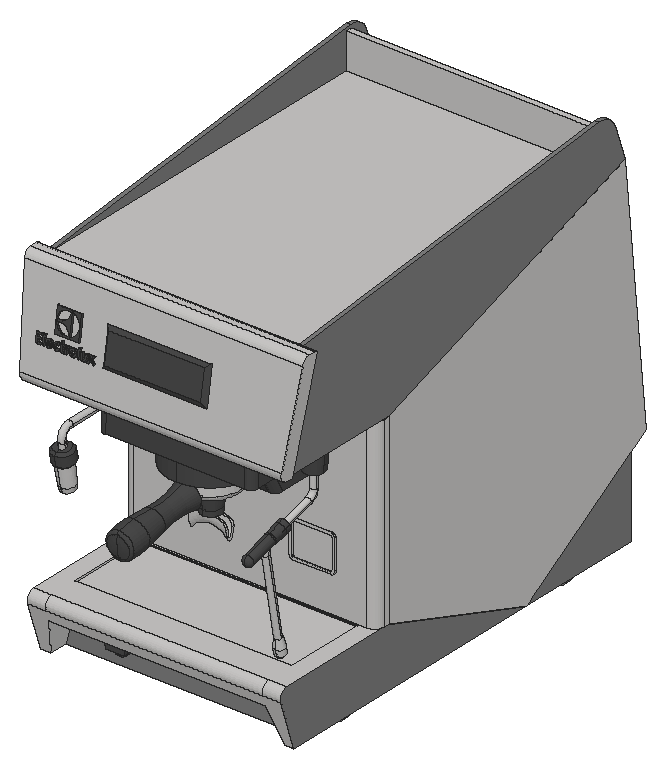
Revit family "QF_ELECTROLUXPROFESSIONAL_602507_MIRA1SA", category Specialty Equipment, Revit 2018
Family settings
  Round Connector Dimension = Use Diameter
  Part Type = Normal
  Work Plane-Based = No
  Always vertical = Yes
  Cut with Voids When Loaded = No
  Shared = No
  Room Calculation Point = No
Parameters (values of type "QF_ELECTROLUX_602507_MIRA1SA")
  Weight = 41.00 kg
  Watts = 0 W
  Volts = 230 V
  URL Manufacturer = "http://professional.electrolux.com"
  URL = "http://professional.electrolux.com"
  Steam Supply Size = 0 mm
  Steam Supply Minimum Pressure = 0.0 Pa
  Steam Supply Maximum Pressure = 0.0 Pa
  Steam Pounds per Hour = 0
  Show Logo [instance] = yes
  Show Clearance [instance] = yes
  Refrigeration Suction Line Size = 0 mm
  Refrigeration Liquid Line Size = 0 mm
  Refrigerant Compressor Remote = yes
  Manufacturer = "Electrolux"
  Phase = 1
  Model = "MIRA1SA"
  Length Actual = 343 mm  # constant formula
  Item Number = "602507"
  Hot Water Size = 0 mm
  Height Actual = 510 mm  # constant formula
  HP = "4 HP"
  Gas Size = 0 mm
  Gas KW = 0
  Gas Input Pressure = 0 W
  Direct Waste Size = 16 mm
  Description = "ESPRESSO MACHINE 1 GROUP - 6.3LT BOILER- PROGRAMMABLE WATER - STEAMAIR"
  Depth Actual = 570 mm  # constant formula
  Cycle = 50 Hz
  Condensate Return Size = 0 mm
  Compressed Air Volume = 0.0 L/s
  Compressed Air Size = 0 mm
  Compressed Air Pressure = 0.0 Pa
  Cold Water Size = 9.525 mm
  Accessory = yes
Values of the unnamed type that differ from the named types
  Volts = 0 V
  URL Manufacturer = ""
  Item Number = ""
  Cycle = 0 Hz
Reference planes
  plane 1: z = 0
  plane 2 "LEFT": x = -410
  plane 3 "BACK": y = 240.701
  plane 4 "RIGHT": x = -67
  plane 5 "FRONT": y = -326.299
  plane 6: z = 924.5
  plane 7 "TOP": z = 1408
  plane 8: z = 900
  plane 9: x = -369
  plane 10: y = 175.701
  plane 11: x = -108
  plane 12: y = -215.299
  plane 13: x = -238.5
  plane 14: y = -337.223
Forms (mm)
  Extrusion 1, solid, material "QF_Finishes_Stainless Steel"
    sketch origin (-238.5, 629.85, 4000) x (0, 1, 0) y (0, 0, 1)
      loop
        line (-460.073, -2592.115) -> (-914.968, -2638.979) -> (-938.293, -2773.098) -> (-783.758, -2773.098) -> (-421.875, -2648.701) -> (-437.208, -2606.451)
        arc (-437.208, -2606.451) -> (-446.175, -2595.35) -> (-460.073, -2592.115) r 21.933
    from -155.4 to 155.401
  Extrusion 2, solid, material "QF_Finishes_Stainless Steel"
    sketch origin (-410, 0, 0) x (0, 1, 0) y (0, 0, 1)
      loop
        line (240.701, 1038.425) -> (207.845, 1350.197) -> (-154.613, 1225.602) -> (-154.613, 997.683) -> (58.201, 924.5) -> (240.701, 1038.425)
    from 16.1 to 326.901
  Extrusion 3, solid, material "QF_Finishes_Stainless Steel"
    sketch origin (-410, 0, 0) x (0, 1, 0) y (0, 0, 1)
      loop
        line (217.78, 924.5) -> (217.78, 1022.887) -> (60.091, 924.5) -> (217.78, 924.5)
      loop
        line (-320.294, 983.747) -> (-300.072, 924.5) -> (55.126, 924.5) -> (-155.638, 996.977) -> (-310.83, 996.977)
        arc (-310.83, 996.977) -> (-318.964, 992.795) -> (-320.294, 983.747) r 10
    from 16.1 to 38.086
  Extrusion 4, void
    sketch origin (0, -326.299, 0) x (-1, 0, 0) y (0, 0, 1)
      loop
        line (382.536, 924.5) -> (371.914, 970.529) -> (371.914, 924.5) -> (382.536, 924.5)
    from 0 to 50
  Extrusion 5, solid, material "QF_Finishes_Stainless Steel"
    sketch origin (-67, 0, 0) x (0, 1, 0) y (0, 0, -1)
      loop
        line (217.78, -924.5) -> (60.091, -924.5) -> (217.78, -1022.887) -> (217.78, -924.5)
      loop
        arc (-320.294, -983.747) -> (-318.964, -992.795) -> (-310.83, -996.977) r 10
        line (-310.83, -996.977) -> (-155.638, -996.977) -> (55.126, -924.5) -> (-300.072, -924.5) -> (-320.294, -983.747)
    from 16.099 to 38.086
  Extrusion 6, void
    sketch origin (-477, -326.299, 0) x (1, 0, 0) y (0, 0, -1)
      loop
        line (382.536, -924.5) -> (371.914, -924.5) -> (371.914, -970.529) -> (382.536, -924.5)
    from 0 to 50
  Extrusion 7, solid, material "QF_Finishes_Stainless Steel"
    sketch origin (-410, 0, 0) x (0, 1, 0) y (0, 0, 1)
      loop
        line (-155.638, 996.977) -> (-310.83, 996.977)
        arc (-310.83, 996.977) -> (-318.964, 992.795) -> (-320.294, 983.747) r 10
        line (-320.294, 983.747) -> (-315.783, 970.529) -> (-276.299, 970.529) -> (-276.299, 924.5) -> (55.126, 924.5) -> (-155.638, 996.977)
      loop
        line (217.78, 924.5) -> (217.78, 1022.887) -> (60.091, 924.5) -> (217.78, 924.5)
    from 38.086 to 304.914
  Extrusion 8, void
    sketch origin (-410, 0, 0) x (0, 1, 0) y (0, 0, 1)
      loop
        line (162.193, 1361.021) -> (162.193, 1404.282) -> (169.777, 1404.282) -> (169.777, 1361.021) -> (204.447, 1361.021) -> (192.642, 1393.549)
        arc (192.642, 1393.549) -> (183.675, 1404.65) -> (169.777, 1407.885) r 21.933
        line (169.777, 1407.885) -> (-285.118, 1361.021) -> (162.193, 1361.021)
    from 21.5 to 321.5
  Extrusion 9, solid, material "QF_Finishes_Stainless Steel"
    sketch origin (-238.5, 629.85, 4000) x (0, 1, 0) y (0, 0, 1)
      loop
        arc (-925.259, -2638.388) -> (-932.329, -2640.961) -> (-936.091, -2647.476) r 11
        line (-936.091, -2647.476) -> (-955.981, -2760.187)
        arc (-955.981, -2760.187) -> (-953.576, -2769.168) -> (-945.149, -2773.098) r 11
        line (-945.149, -2773.098) -> (-938.293, -2773.098) -> (-915.171, -2640.145)
        arc (-915.171, -2640.145) -> (-915.501, -2638.922) -> (-916.649, -2638.388) r 1.5
        line (-916.649, -2638.388) -> (-925.259, -2638.388)
    from -171.695 to 171.7
  Extrusion 10, void
    sketch origin (0, -326.299, 0) x (-1, 0, 0) y (0, 0, 1)
      loop
        line (410.195, 1363.821) -> (398.103, 1226.902) -> (410.195, 1226.902) -> (410.195, 1363.821)
      loop
        line (66.805, 1363.821) -> (66.805, 1226.902) -> (78.897, 1226.902) -> (66.805, 1363.821)
    from -7.332 to 47.202
  Extrusion 11, solid, material "QF_Finishes_Black"
    sketch origin (0, -276.299, 0) x (1, 0, 0) y (0, 0, 1)
      loop
        circle (-309.496, 951.662) r 11.814
    from 3 to 8
  Extrusion 12, solid, material "QF_Finishes_Black"
    sketch origin (0, -284.299, 0) x (1, 0, 0) y (0, 0, 1)
      loop
        arc (-298.401, 947.607) -> (-297.683, 951.662) -> (-298.401, 955.718) r 11.814
        line (-298.401, 955.718) -> (-320.592, 955.718)
        arc (-320.592, 955.718) -> (-321.31, 951.662) -> (-320.592, 947.607) r 11.814
        line (-320.592, 947.607) -> (-298.401, 947.607)
    from 0 to 8
  Revolve 13, solid, material "QF_Finishes_Stainless Steel"
    sketch origin (-238.5, 629.85, 4000) x (0, 1, 0) y (0, 0, 1)
      loop
        line (-817.965, -2842.922) -> (-862.927, -2842.922) -> (-862.927, -2897.582) -> (-850.761, -2897.582) -> (-850.761, -2891.234) -> (-847.471, -2870.47) -> (-833.108, -2868.706)
        arc (-833.108, -2868.706) -> (-829.345, -2866.726) -> (-827.839, -2862.75) r 6
        line (-827.839, -2862.75) -> (-827.839, -2847.506) -> (-817.965, -2847.506) -> (-817.965, -2842.922)
      axis (-862.927, -2842.922) -> (-862.927, -2897.582)
    angle from 0 to 360
  Extrusion 14, solid, material "QF_Finishes_Stainless Steel"
    sketch origin (-1150.39, -1414, 1410) x (-1, 0, 0) y (0, -1, 0)
      loop
        line (-756.49, -1259.387) -> (-756.49, -1253.049)
        arc (-756.49, -1253.049) -> (-760.004, -1244.564) -> (-768.49, -1241.049) r 12
        line (-768.49, -1241.049) -> (-1055.291, -1241.049)
        arc (-1055.291, -1241.049) -> (-1063.776, -1244.564) -> (-1067.291, -1253.049) r 12
        line (-1067.291, -1253.049) -> (-1067.291, -1259.387) -> (-756.49, -1259.387)
    from -412.317 to -184.398
  Extrusion 15, void
    sketch origin (-410, -155.319, 996.977) x (1, 0, 0) y (0, -1, 0)
      loop
        line (38.086, 120.98) -> (38.086, 19.632) -> (304.914, 19.632) -> (304.914, 120.98) -> (38.086, 120.98)
    from 0 to 1.6
  Blend 16, solid, material "QF_Finishes_Black"
    base sketch origin (-410.061, -305.898, 1226.902) x (1, 0, 0) y (0, 1, 0)
      loop
        arc (76.024, 27.395) -> (78.953, 20.324) -> (86.024, 17.395) r 10
        line (86.024, 17.395) -> (257.099, 17.395)
        arc (257.099, 17.395) -> (264.171, 20.324) -> (267.099, 27.395) r 10
        line (267.099, 27.395) -> (267.099, 132.947) -> (76.024, 132.947) -> (76.024, 27.395)
    top sketch origin (-410.061, -305.898, 1226.902) x (1, 0, 0) y (0, 1, 0)
      loop
        line (75.024, 132.947) -> (75.024, 27.395)
        arc (75.024, 27.395) -> (78.246, 19.617) -> (86.024, 16.395) r 11
        line (86.024, 16.395) -> (257.099, 16.395)
        arc (257.099, 16.395) -> (264.878, 19.617) -> (268.099, 27.395) r 11
        line (268.099, 27.395) -> (268.099, 132.947) -> (75.024, 132.947)
    from -46.196 to 0
  Blend 17, solid, material "QF_Finishes_Black"
    base sketch origin (-410.061, -305.898, 1180.705) x (0, 1, 0) y (-1, 0, 0)
      loop
        line (132.947, -80.403) -> (69.902, -80.403)
        arc (69.902, -80.403) -> (62.831, -83.332) -> (59.902, -90.403) r 10
        line (59.902, -90.403) -> (59.902, -252.597)
        arc (59.902, -252.597) -> (62.831, -259.668) -> (69.902, -262.597) r 10
        line (69.902, -262.597) -> (132.947, -262.597) -> (132.947, -80.403)
    top sketch origin (-410.061, -305.898, 1180.705) x (1, 0, 0) y (0, 1, 0)
      loop
        line (262.597, 56.902) -> (262.597, 132.947) -> (80.403, 132.947) -> (80.403, 56.902)
        arc (80.403, 56.902) -> (83.332, 49.831) -> (90.403, 46.902) r 10
        line (90.403, 46.902) -> (252.597, 46.902)
        arc (252.597, 46.902) -> (259.668, 49.831) -> (262.597, 56.902) r 10
    from -23.627 to 0
  Extrusion 18, solid, material "QF_Finishes_Black"
    sketch origin (-238.5, -233.077, 1157.078) x (0, 1, 0) y (-1, 0, 0)
      loop
        circle (0, 0) r 53
    from 0 to 23.627
  Sweep 19, solid, material "QF_Finishes_Stainless Steel"
    path origin (0, -233.077, 1102.418) x (0, 0, 1) y (-1, 0, 0)
      loop
        arc (-25.147, 261.5) -> (-13.338, 238.5) -> (-25.147, 215.5) r 28.303
    profile origin (-238.5, -233.077, 1089.08) x (0, 0, 1) y (0, -1, 0)
      loop
        line (13.338, -6) -> (13.338, -4)
        spline (13.338, -4) -> (10.125, -3.809) -> (7.172, -3.26) -> (4.727, -2.419) -> (3.017, -1.422) -> (2.173, -0.529) -> (2, 0) -> (2.173, 0.529) -> (3.017, 1.422) -> (4.727, 2.419) -> (7.172, 3.26) -> (10.125, 3.809) -> (13.338, 4)
        line (13.338, 4) -> (13.338, 6)
        spline (13.338, 6) -> (9.886, 5.796) -> (6.669, 5.196) -> (3.907, 4.243) -> (1.787, 3) -> (0.454, 1.553) -> (0, 0) -> (0.454, -1.553) -> (1.787, -3) -> (3.907, -4.243) -> (6.669, -5.196) -> (9.886, -5.796) -> (13.338, -6)
  Extrusion 20, void
    sketch origin (0, -326.299, 0) x (-1, 0, 0) y (0, 0, 1)
      loop
        line (261.5, 1077.271) -> (272.339, 1085.045)
        arc (272.339, 1085.045) -> (265.498, 1092.48) -> (257.067, 1098.05) r 41.641
        arc (257.067, 1098.05) -> (260.302, 1095.1) -> (261.5, 1090.889) r 8
        line (261.5, 1090.889) -> (261.5, 1077.271)
      loop
        line (215.5, 1077.271) -> (215.5, 1090.889)
        arc (215.5, 1090.889) -> (216.698, 1095.1) -> (219.933, 1098.05) r 8
        arc (219.933, 1098.05) -> (211.502, 1092.48) -> (204.661, 1085.045) r 41.641
        line (204.661, 1085.045) -> (215.5, 1077.271)
    from 87.222 to 99.222
  Extrusion 21, solid, material "QF_Finishes_Stainless Steel"
    sketch origin (-88.5, -172.951, 1410) x (-1, 0, 0) y (0, 0, -1)
      loop
        line (50.201, 325.214) -> (96.276, 325.214)
        arc (96.276, 325.214) -> (97.69, 325.8) -> (98.276, 327.214) r 2
        line (98.276, 327.214) -> (98.276, 363.416)
        arc (98.276, 363.416) -> (97.69, 364.83) -> (96.276, 365.416) r 2
        line (96.276, 365.416) -> (50.201, 365.416)
        arc (50.201, 365.416) -> (48.787, 364.83) -> (48.201, 363.416) r 2
        line (48.201, 363.416) -> (48.201, 327.214)
        arc (48.201, 327.214) -> (48.787, 325.8) -> (50.201, 325.214) r 2
      loop
        arc (96.276, 322.014) -> (99.953, 323.537) -> (101.476, 327.214) r 5.2
        line (101.476, 327.214) -> (101.476, 363.416)
        arc (101.476, 363.416) -> (99.953, 367.093) -> (96.276, 368.616) r 5.2
        line (96.276, 368.616) -> (50.201, 368.616)
        arc (50.201, 368.616) -> (46.524, 367.093) -> (45.001, 363.416) r 5.2
        line (45.001, 363.416) -> (45.001, 327.214)
        arc (45.001, 327.214) -> (46.524, 323.537) -> (50.201, 322.014) r 5.2
        line (50.201, 322.014) -> (96.276, 322.014)
    from 0 to 1.058
  Blend 22, solid, material "QF_Finishes_Black"
    base sketch origin (-238.5, -311.817, 1320.929) x (0, 0.173785, 0.984784) y (-1, 0, 0)
      loop
        line (-5.217, 59.068) -> (-41.447, 59.068) -> (-41.447, -59.068) -> (-5.217, -59.068) -> (-5.217, 59.068)
    top sketch origin (-238.5, -311.817, 1320.929) x (0, 0.173785, 0.984784) y (-1, 0, 0)
      loop
        line (-0.217, 64.068) -> (-46.447, 64.068) -> (-46.447, -64.068) -> (-0.217, -64.068) -> (-0.217, 64.068)
    from 3.335 to 0
  Sweep 23, solid, material "QF_Finishes_Stainless Steel"
    path origin (-363.275, -1524, 1198.69) x (0, 0, 1) y (0, -1, 0)
      loop
        line (-7.758, -1292.863) -> (-17.551, -1292.863) -> (-17.551, -1229.104)
        arc (-17.551, -1229.104) -> (-21.837, -1219.911) -> (-31.634, -1217.286) r 12
        line (-31.634, -1217.286) -> (-38.262, -1218.455)
    profile origin (-363.275, -231.137, 1186.036) x (1, 0, 0) y (0, 1, 0)
      loop
        circle (0, 0) r 3.9
  Revolve 24, solid, material "QF_Finishes_Stainless Steel"
    sketch origin (-363.275, -1524, 1198.69) x (0, 0, 1) y (0, -1, 0)
      loop
        line (-38.262, -1218.455) -> (-87.707, -1227.173) -> (-86.321, -1235.033) -> (-79.345, -1235.382) -> (-54.789, -1231.505) -> (-51.314, -1233.939) -> (-38.962, -1231.761) -> (-36.529, -1228.286) -> (-38.262, -1218.455)
      axis (-38.262, -1218.455) -> (-87.707, -1227.173)
    angle from 0 to 360
  Blend 25, solid, material "QF_Finishes_Black"
    base sketch origin (-410, -305.898, 1226.902) x (1, 0, 0) y (0, 1, 0)
      loop
        circle (46.725, 74.761) r 12
    top sketch origin (-410, -305.898, 1226.902) x (1, 0, 0) y (0, 1, 0)
      loop
        circle (46.725, 74.761) r 15
    from -35.97 to 0
  Sweep 26, solid, material "QF_Finishes_Stainless Steel"
    path origin (-113.725, -1524, 1198.69) x (0, 0, 1) y (0, 1, 0)
      loop
        line (-7.758, 1292.863) -> (-27.343, 1292.863)
        arc (-27.343, 1292.863) -> (-34.598, 1290.422) -> (-38.901, 1284.092) r 12
        line (-38.901, 1284.092) -> (-54.81, 1227.144)
        arc (-54.81, 1227.144) -> (-60.063, 1220.163) -> (-68.658, 1218.593) r 12
        line (-68.658, 1218.593) -> (-168.936, 1238.086)
    profile origin (-113.725, -231.137, 1181.14) x (-1, 0, 0) y (0, -1, 0)
      loop
        circle (0, 0) r 3.9
  Revolve 27, solid, material "QF_Finishes_Stainless Steel"
    sketch origin (-113.725, -1524, 1198.69) x (0, 0, 1) y (0, 1, 0)
      loop
        line (-191.404, 1242.453) -> (-168.936, 1238.086) -> (-168.099, 1242.391) -> (-178.998, 1246.583) -> (-186.663, 1247.861) -> (-189.37, 1246.314) -> (-191.134, 1243.845) -> (-191.404, 1242.453)
      axis (-168.936, 1238.086) -> (-191.404, 1242.453)
    angle from 0 to 360
  Revolve 28, solid, material "QF_Finishes_Black"
    sketch origin (-113.725, -1524, 1198.69) x (0, 0, 1) y (0, 1, 0)
      loop
        line (-49.035, 1247.817) -> (-56.22, 1249.824) -> (-58.186, 1242.787) -> (-61.477, 1228.132) -> (-61.477, 1226.56) -> (-70.435, 1194.494)
        arc (-70.435, 1194.494) -> (-69.86, 1189.735) -> (-66.088, 1186.777) r 6.263
        line (-66.088, 1186.777) -> (-49.035, 1247.817)
      axis (-66.088, 1186.777) -> (-49.035, 1247.817)
    angle from 0 to 360
  Blend 29, solid, material "QF_Finishes_Black"
    base sketch origin (-67, -305.898, 1226.902) x (1, 0, 0) y (0, 1, 0)
      loop
        circle (-46.725, 74.761) r 12
    top sketch origin (-67, -305.898, 1226.902) x (1, 0, 0) y (0, 1, 0)
      loop
        circle (-46.725, 74.761) r 15
    from -35.97 to 0
  Extrusion 30, solid, material "QF_Finishes_Rubber Black"
    sketch origin (-1206.916, -1524, 900) x (-1, 0, 0) y (0, -1, 0)
      loop
        circle (-862.916, -1674.701) r 25
      loop
        circle (-1073.916, -1674.701) r 25
      loop
        circle (-862.916, -1333.701) r 25
      loop
        circle (-1073.916, -1333.701) r 25
    from 0 to 24.5
  Revolve 31, solid, material "QF_Finishes_Stainless Steel"
    sketch origin (-238.5, 629.85, 4000) x (0, 1, 0) y (0, 0, 1)
      loop
        line (-899.923, -2864.244) -> (-899.069, -2872.367) -> (-879.628, -2870.323) -> (-880.482, -2862.201) -> (-899.923, -2864.244)
      axis (-880.482, -2862.201) -> (-899.923, -2864.244)
    angle from 0 to 360
  Revolve 32, solid, material "QF_Finishes_Black"
    sketch origin (-238.5, 629.85, 4000) x (0, 1, 0) y (0, 0, 1)
      loop
        line (-899.923, -2864.244) -> (-1007.024, -2875.501)
        arc (-1007.024, -2875.501) -> (-1005.905, -2882.363) -> (-1003.993, -2889.048) r 59.51
        arc (-1003.993, -2889.048) -> (-1002.616, -2890.927) -> (-1000.426, -2891.72) r 4
        arc (-1000.426, -2891.72) -> (-989.228, -2891.693) -> (-978.1, -2890.45) r 102.918
        arc (-978.1, -2890.45) -> (-964.337, -2887.714) -> (-950.766, -2884.14) r 229.219
        arc (-950.766, -2884.14) -> (-924.661, -2879.508) -> (-898.181, -2880.817) r 118.076
        line (-898.181, -2880.817) -> (-899.923, -2864.244)
      axis (-899.923, -2864.244) -> (-1007.024, -2875.501)
    angle from 0 to 360
  Extrusion 33, solid, material "QF_Clearance", visible <- "Show Clearance", detail levels coarse
    sketch origin (-67, 0, 0) x (0, 1, 0) y (0, 0, 1)
      loop
        line (273.701, 1600) -> (-326.299, 1600) -> (-326.299, 1408) -> (240.701, 1408) -> (240.701, 900) -> (273.701, 900) -> (273.701, 1600)
    from 0 to -343
  Extrusion 34, solid, material "QF_Finishes_Stainless Steel"
    sketch origin (-410, 1523.278, 924.5) x (-1, 0, 0) y (0, 1, 0)
      loop
        circle (-205, -1709.577) r 12
    from 0 to 5
  Extrusion 35, solid, material "QF_Finishes_Stainless Steel"
    sketch origin (-410, 217.78, 925.038) x (0, 0, 1) y (1, 0, 0)
      loop
        circle (34.962, 171.5) r 10
    from 0 to 4.922
Cuts and joins
  Extrusion 4, Extrusion 6, Extrusion 15 cuts Extrusion 3
  Extrusion 6, Extrusion 15 cuts Extrusion 5
  Extrusion 15 cuts Extrusion 7
  joined: Extrusion 3, Extrusion 5, Extrusion 7
  Extrusion 8 cuts Extrusion 1
  Extrusion 10 cuts Extrusion 9
  joined: Extrusion 11, Extrusion 12
  joined: Blend 16, Blend 17, Extrusion 18
  Extrusion 20 cuts Sweep 19
  joined: Revolve 13, Revolve 31
  joined: Sweep 26, Revolve 27
  joined: Sweep 23, Revolve 24
Lines and regions (mm)
  Split face 1
    outline origin (-88.5, -172.951, 1410) x (-1, 0, 0) y (0, 0, -1)
      loop
        arc (50.201, 365.416) -> (48.787, 364.83) -> (48.201, 363.416) r 2
        line (48.201, 363.416) -> (48.201, 327.214)
        arc (48.201, 327.214) -> (48.787, 325.8) -> (50.201, 325.214) r 2
        line (50.201, 325.214) -> (96.276, 325.214)
        arc (96.276, 325.214) -> (97.69, 325.8) -> (98.276, 327.214) r 2
        line (98.276, 327.214) -> (98.276, 363.416)
        arc (98.276, 363.416) -> (97.69, 364.83) -> (96.276, 365.416) r 2
        line (96.276, 365.416) -> (50.201, 365.416)
  Split face 2
    outline origin (-238.5, -315.101, 1321.508) x (0, 0.173785, 0.984784) y (-1, 0, 0)
      loop
        circle (-28.447, -46.068) r 10
  Split face 3
    outline origin (-238.5, -315.101, 1321.508) x (0, 0.173785, 0.984784) y (-1, 0, 0)
      loop
        circle (-28.447, -23.068) r 10
  Split face 4
    outline origin (-238.5, -315.101, 1321.508) x (0, 0.173785, 0.984784) y (-1, 0, 0)
      loop
        circle (-28.447, -0.068) r 10
  Split face 5
    outline origin (-238.5, -315.101, 1321.508) x (0, 0.173785, 0.984784) y (-1, 0, 0)
      loop
        circle (-28.447, 22.932) r 10
  symbolic lines, style "QF_Clearances", visible <- "Show Clearance", detail levels coarse
    curve 1: line (-67, 273.701, 0) -> (-410, 273.701, 0)
  symbolic lines
    curve 2: line (-393.9, 240.701, 0) -> (-393.9, -285.319, 0)
    curve 3: line (-393.9, 240.701, 0) -> (-83.099, 240.701, 0)
    curve 4: line (-393.9, 207.845, 0) -> (-83.099, 207.845, 0)
    curve 5: line (-388.5, 204.447, 0) -> (-88.5, 204.447, 0)
    curve 6: line (-388.5, 204.447, 0) -> (-388.5, -285.319, 0)
    curve 7: line (-388.5, 169.777, 0) -> (-88.5, 169.777, 0)
    curve 8: line (-88.5, -285.319, 0) -> (-88.5, 204.447, 0)
    curve 9: line (-83.099, -285.319, 0) -> (-83.099, 240.701, 0)
    curve 10: spline (-67.863, -306.362, 0) -> (-67.748, -306.137, 0) -> (-67.635, -305.756, 0) -> (-67.528, -305.223, 0) -> (-67.427, -304.546, 0) -> (-67.334, -303.736, 0) -> (-67.25, -302.804, 0) -> (-67.177, -301.765, 0) -> (-67.116, -300.632, 0) -> (-67.066, -299.423, 0) -> (-67.03, -298.155, 0) -> (-67.008, -296.847, 0) -> (-67, -295.519, 0)
    curve 11: line (-77.841, -326.299, 0) -> (-67.863, -306.362, 0)
    curve 12: line (-399.158, -326.299, 0) -> (-77.842, -326.299, 0)
    curve 13: line (-67, -286.798, 0) -> (-67, -295.519, 0)
    curve 14: spline (-67, -295.369, 0) -> (-67.006, -296.652, 0) -> (-67.026, -297.917, 0) -> (-67.059, -299.147, 0) -> (-67.103, -300.326, 0) -> (-67.16, -301.438, 0) -> (-67.227, -302.467, 0) -> (-67.305, -303.4, 0) -> (-67.392, -304.224, 0) -> (-67.486, -304.928, 0) -> (-67.587, -305.501, 0) -> (-67.693, -305.938, 0) -> (-67.803, -306.23, 0)
    curve 15: line (-67.803, -306.23, 0) -> (-77.842, -326.299, 0)
    curve 16: spline (-67.155, -285.319, 0) -> (-67.136, -285.296, 0) -> (-67.117, -285.306, 0) -> (-67.098, -285.347, 0) -> (-67.08, -285.419, 0) -> (-67.063, -285.519, 0) -> (-67.047, -285.647, 0) -> (-67.033, -285.799, 0) -> (-67.022, -285.972, 0) -> (-67.012, -286.163, 0) -> (-67.006, -286.367, 0) -> (-67.001, -286.58, 0) -> (-67, -286.798, 0)
    curve 17: spline (-67, -286.803, 0) -> (-67.001, -286.585, 0) -> (-67.005, -286.371, 0) -> (-67.012, -286.167, 0) -> (-67.022, -285.976, 0) -> (-67.033, -285.803, 0) -> (-67.047, -285.651, 0) -> (-67.063, -285.523, 0) -> (-67.08, -285.422, 0) -> (-67.098, -285.35, 0) -> (-67.117, -285.309, 0) -> (-67.136, -285.299, 0) -> (-67.155, -285.321, 0)
    curve 18: line (-67.155, -285.319, 0) -> (-409.845, -285.319, 0)
    curve 19: spline (-409.137, -306.362, 0) -> (-409.252, -306.137, 0) -> (-409.365, -305.755, 0) -> (-409.472, -305.222, 0) -> (-409.573, -304.545, 0) -> (-409.666, -303.734, 0) -> (-409.75, -302.802, 0) -> (-409.823, -301.761, 0) -> (-409.885, -300.628, 0) -> (-409.934, -299.418, 0) -> (-409.97, -298.15, 0) -> (-409.992, -296.841, 0) -> (-410, -295.512, 0)
    curve 20: line (-399.159, -326.299, 0) -> (-409.137, -306.362, 0)
    curve 21: line (-410, -286.798, 0) -> (-410, -295.512, 0)
    curve 22: spline (-410, -295.557, 0) -> (-409.992, -296.822, 0) -> (-409.971, -298.069, 0) -> (-409.937, -299.279, 0) -> (-409.892, -300.437, 0) -> (-409.835, -301.529, 0) -> (-409.767, -302.539, 0) -> (-409.69, -303.453, 0) -> (-409.604, -304.261, 0) -> (-409.51, -304.951, 0) -> (-409.41, -305.514, 0) -> (-409.306, -305.942, 0) -> (-409.197, -306.23, 0)
    curve 23: line (-409.197, -306.23, 0) -> (-399.158, -326.299, 0)
    curve 24: spline (-409.845, -285.319, 0) -> (-409.864, -285.296, 0) -> (-409.883, -285.306, 0) -> (-409.902, -285.347, 0) -> (-409.92, -285.419, 0) -> (-409.937, -285.519, 0) -> (-409.953, -285.647, 0) -> (-409.967, -285.799, 0) -> (-409.978, -285.972, 0) -> (-409.988, -286.163, 0) -> (-409.994, -286.367, 0) -> (-409.999, -286.58, 0) -> (-410, -286.798, 0)
    curve 25: spline (-410, -286.733, 0) -> (-409.998, -286.522, 0) -> (-409.993, -286.316, 0) -> (-409.986, -286.121, 0) -> (-409.976, -285.938, 0) -> (-409.964, -285.773, 0) -> (-409.951, -285.629, 0) -> (-409.935, -285.508, 0) -> (-409.918, -285.413, 0) -> (-409.901, -285.346, 0) -> (-409.882, -285.308, 0) -> (-409.863, -285.299, 0) -> (-409.845, -285.321, 0)
    curve 26: line (-302.568, -311.854, 0) -> (-174.432, -311.854, 0)
    curve 27: line (-179.432, -316.007, 0) -> (-297.568, -316.007, 0)
    curve 28: line (-297.568, -316.007, 0) -> (-302.568, -311.854, 0)
    curve 29: line (-174.432, -311.854, 0) -> (-179.432, -316.007, 0)
    curve 30: line (-174.432, -311.854, 0) -> (-174.432, -319.889, 0)
    curve 31: line (-179.432, -322.303, 0) -> (-174.432, -319.889, 0)
    curve 32: line (-179.432, -322.303, 0) -> (-179.432, -316.007, 0)
    curve 33: line (-297.568, -322.303, 0) -> (-179.432, -322.303, 0)
    curve 34: line (-297.568, -322.303, 0) -> (-302.568, -319.889, 0)
    curve 35: line (-297.568, -316.007, 0) -> (-297.568, -322.303, 0)
    curve 36: line (-302.568, -319.889, 0) -> (-302.568, -311.854, 0)
    curve 37: arc (-120.025, -331.15, 0) -> (-113.725, -337.45, 0) -> (-107.425, -331.15, 0) r 6.3
    curve 38: line (-120.025, -331.15, 0) -> (-120.025, -326.299, 0)
    curve 39: line (-107.425, -331.15, 0) -> (-107.425, -326.299, 0)
  symbolic lines, style "SpecialityEquipment"
    curve 40: arc (-223.349, -326.299, 0) -> (-221.663, -338.263, 0) -> (-220.609, -350.3, 0) r 229.219
    curve 41: arc (-220.609, -350.3, 0) -> (-220.536, -361.497, 0) -> (-221.68, -372.637, 0) r 102.918
    curve 42: arc (-251.711, -375.997, 0) -> (-238.205, -377.503, 0) -> (-224.71, -375.905, 0) r 59.51
    curve 43: arc (-221.68, -372.637, 0) -> (-222.698, -374.732, 0) -> (-224.71, -375.905, 0) r 4
    curve 44: arc (-253.651, -326.299, 0) -> (-255.337, -338.263, 0) -> (-256.391, -350.3, 0) r 229.219
    curve 45: arc (-256.391, -350.3, 0) -> (-256.464, -361.497, 0) -> (-255.32, -372.637, 0) r 102.918
    curve 46: arc (-255.32, -372.637, 0) -> (-254.095, -374.939, 0) -> (-251.711, -375.997, 0) r 4
Dimensions and locks
  plane 2 "LEFT" to plane 4 "RIGHT" = 343 mm
  plane 3 "BACK" to plane 5 "FRONT" = 567 mm
  equal spacing: plane 2 "LEFT", plane 13, plane 4 "RIGHT"
  Extrusion 34 sketch curve to plane 5 "FRONT" = 140 mm
  plane 2 "LEFT" to Extrusion 34 sketch curve = 205 mm
  aligned and locked: level to plane 1
Automatic sketch dimensions
  Extrusion 2 sketch curve to plane 6 = 0 mm
  plane 12 to Extrusion 2 sketch curve = 60.685 mm
  Extrusion 2 sketch curve to plane 10 = 117.5 mm
  plane 10 to Extrusion 2 sketch curve = 32.143 mm
  plane 3 "BACK" to Extrusion 2 sketch curve = 0 mm
  plane 6 to Extrusion 2 sketch curve = 73.183 mm
  plane 6 to Extrusion 2 sketch curve = 113.925 mm
  Extrusion 2 sketch curve to plane 7 "TOP" = 182.398 mm
  Extrusion 2 sketch curve to plane 7 "TOP" = 57.803 mm
  Extrusion 3 sketch curve to plane 6 = 0 mm  (x2)
  plane 5 "FRONT" to Extrusion 3 sketch curve = 6.004 mm
  plane 5 "FRONT" to Extrusion 3 sketch curve = 15.468 mm
  plane 5 "FRONT" to Extrusion 3 sketch curve = 26.226 mm
  plane 12 to Extrusion 3 sketch curve = 59.661 mm
  Extrusion 3 sketch curve to plane 10 = 120.575 mm
  Extrusion 3 sketch curve to Extrusion 3 sketch curve = 4.964 mm
  Extrusion 3 sketch curve to plane 3 "BACK" = 22.922 mm
  plane 6 to Extrusion 3 sketch curve = 59.247 mm
  Extrusion 3 sketch curve to Extrusion 3 sketch curve = 3.23 mm
  plane 6 to Extrusion 3 sketch curve = 98.387 mm
  Extrusion 4 sketch curve to plane 6 = 0 mm
  Extrusion 4 sketch curve to plane 9 = 2.914 mm
  Extrusion 4 sketch curve to Extrusion 4 sketch curve = 10.622 mm
  plane 6 to Extrusion 4 sketch curve = 46.029 mm
  Extrusion 5 sketch curve to plane 6 = 0 mm  (x2)
  plane 5 "FRONT" to Extrusion 5 sketch curve = 6.004 mm
  plane 5 "FRONT" to Extrusion 5 sketch curve = 15.468 mm
  plane 5 "FRONT" to Extrusion 5 sketch curve = 26.226 mm
  plane 12 to Extrusion 5 sketch curve = 59.661 mm
  Extrusion 5 sketch curve to plane 10 = 120.575 mm
  Extrusion 5 sketch curve to Extrusion 5 sketch curve = 4.964 mm
  Extrusion 5 sketch curve to plane 3 "BACK" = 22.922 mm
  plane 6 to Extrusion 5 sketch curve = 59.247 mm
  Extrusion 5 sketch curve to Extrusion 5 sketch curve = 3.23 mm
  plane 6 to Extrusion 5 sketch curve = 98.387 mm
  Extrusion 6 sketch curve to plane 6 = 0 mm
  Extrusion 6 sketch curve to plane 11 = 2.914 mm
  Extrusion 6 sketch curve to Extrusion 6 sketch curve = 10.622 mm
  Extrusion 6 sketch curve to plane 6 = 46.029 mm
  Extrusion 7 sketch curve to plane 6 = 0 mm  (x2)
  plane 5 "FRONT" to Extrusion 7 sketch curve = 6.004 mm
  plane 5 "FRONT" to Extrusion 7 sketch curve = 10.516 mm
  Extrusion 7 sketch curve to Extrusion 7 sketch curve = 9.464 mm
  Extrusion 7 sketch curve to Extrusion 7 sketch curve = 34.532 mm
  plane 12 to Extrusion 7 sketch curve = 59.661 mm
  Extrusion 7 sketch curve to plane 10 = 120.575 mm
  Extrusion 7 sketch curve to Extrusion 7 sketch curve = 4.964 mm
  Extrusion 7 sketch curve to plane 3 "BACK" = 22.922 mm
  plane 6 to Extrusion 7 sketch curve = 46.029 mm
  Extrusion 7 sketch curve to Extrusion 7 sketch curve = 13.218 mm
  Extrusion 7 sketch curve to Extrusion 7 sketch curve = 3.23 mm
  plane 6 to Extrusion 7 sketch curve = 98.387 mm
  plane 5 "FRONT" to Extrusion 8 sketch curve = 41.18 mm
  Extrusion 8 sketch curve to plane 10 = 13.508 mm
  Extrusion 8 sketch curve to plane 10 = 5.925 mm
  Extrusion 8 sketch curve to plane 7 "TOP" = 0.115 mm
  Extrusion 8 sketch curve to Extrusion 8 sketch curve = 0 mm
  Extrusion 8 sketch curve to plane 10 = 3.677 mm
  Extrusion 8 sketch curve to plane 7 "TOP" = 14.451 mm
  plane 10 to Extrusion 8 sketch curve = 16.941 mm
  plane 10 to Extrusion 8 sketch curve = 28.745 mm
  Extrusion 8 sketch curve to Extrusion 8 sketch curve = 32.528 mm
  Extrusion 8 sketch curve to plane 7 "TOP" = 46.979 mm
  Extrusion 8 sketch curve to plane 7 "TOP" = 3.718 mm
  plane 5 "FRONT" to Extrusion 9 sketch curve = 0.167 mm
  plane 5 "FRONT" to Extrusion 9 sketch curve = 11 mm
  Extrusion 9 sketch curve to Extrusion 9 sketch curve = 6.855 mm
  plane 5 "FRONT" to Extrusion 9 sketch curve = 20.057 mm
  Extrusion 9 sketch curve to Extrusion 9 sketch curve = 10.833 mm
  Extrusion 9 sketch curve to Extrusion 9 sketch curve = 8.61 mm
  Extrusion 9 sketch curve to Extrusion 9 sketch curve = 1.478 mm
  Extrusion 9 sketch curve to plane 7 "TOP" = 181.098 mm
  Extrusion 9 sketch curve to Extrusion 9 sketch curve = 11 mm
  Extrusion 9 sketch curve to plane 7 "TOP" = 57.388 mm
  Extrusion 9 sketch curve to Extrusion 9 sketch curve = 1.912 mm
  Extrusion 9 sketch curve to Extrusion 9 sketch curve = 1.757 mm
  plane 4 "RIGHT" to Extrusion 10 sketch curve = 0.195 mm
  Extrusion 10 sketch curve to plane 4 "RIGHT" = 11.897 mm
  plane 2 "LEFT" to Extrusion 10 sketch curve = 11.897 mm
  Extrusion 10 sketch curve to plane 2 "LEFT" = 0.195 mm
  Extrusion 10 sketch curve to plane 7 "TOP" = 181.098 mm  (x2)
  Extrusion 10 sketch curve to plane 7 "TOP" = 44.179 mm  (x2)
  Extrusion 11 sketch curve to Extrusion 4 = 27.162 mm
  Extrusion 4 to Extrusion 11 sketch curve = 62.418 mm
  Extrusion 12 sketch curve to Extrusion 12 sketch curve = 11.096 mm
  Extrusion 12 sketch curve to Extrusion 12 sketch curve = 0 mm
  Revolve 13 sketch curve to Revolve 13 sketch curve = 0.731 mm
  Revolve 13 sketch curve to Revolve 13 sketch curve = 6 mm
  Revolve 13 sketch curve to Revolve 13 sketch curve = 9.874 mm
  Revolve 13 sketch curve to Revolve 13 sketch curve = 6.348 mm
  Revolve 13 sketch curve to Revolve 13 sketch curve = 20.765 mm
  Revolve 13 sketch curve to Revolve 13 sketch curve = 1.764 mm
  Revolve 13 sketch curve to Revolve 13 sketch curve = 15.244 mm
  Revolve 13 sketch curve to Revolve 13 sketch curve = 27.548 mm
  Revolve 13 sketch curve to Revolve 13 sketch curve = 52.339 mm
  Revolve 13 sketch curve to Revolve 13 sketch curve = 0 mm  (x2)
  Extrusion 14 sketch curve to plane 4 "RIGHT" = 16.099 mm
  plane 11 to Extrusion 14 sketch curve = 12.901 mm
  Extrusion 14 sketch curve to plane 9 = 12.9 mm
  Extrusion 14 sketch curve to Extrusion 14 sketch curve = 12 mm
  plane 12 to Extrusion 14 sketch curve = 60.685 mm
  Extrusion 14 sketch curve to Extrusion 14 sketch curve = 6.338 mm
  Extrusion 15 sketch curve to Extrusion 3 = 0 mm
  Extrusion 3 to Extrusion 15 sketch curve = 19.313 mm
  Extrusion 15 sketch curve to Extrusion 3 = 266.829 mm
  Extrusion 15 sketch curve to Extrusion 3 = 34.532 mm
  Blend 16 sketch curve to Blend 16 sketch curve = 10 mm  (x2)
  Blend 16 sketch curve to Blend 16 sketch curve = 11 mm  (x2)
  Blend 16 to Blend 17 sketch curve = 0 mm  (x2)
  Blend 16 to Blend 17 sketch curve = 14.379 mm
  Blend 16 to Blend 17 sketch curve = 52.506 mm  (x2)
  Blend 16 to Blend 17 sketch curve = 4.503 mm  (x2)
  Blend 17 sketch curve to Blend 17 sketch curve = 10 mm  (x2)
  Blend 16 to Blend 17 sketch curve = 4.379 mm
  Blend 16 to Blend 17 sketch curve = 14.503 mm
  Blend 16 to Blend 17 sketch curve = 39.506 mm
  Sweep 19 sketch curve to Sweep 19 sketch curve = 16.495 mm  (x2)
  Sweep 19 sketch curve to profile plane = 0 mm
  profile plane to Sweep 19 sketch curve = 4 mm
  Sweep 19 sketch curve to profile plane = 13.338 mm
  Sweep 19 sketch curve to profile plane = 4 mm
  Sweep 19 sketch curve to Sweep 19 sketch curve = 2 mm
  Extrusion 20 sketch curve to Extrusion 20 sketch curve = 0 mm  (x6)
  Extrusion 20 sketch curve to Extrusion 20 sketch curve = 8 mm  (x2)
  Extrusion 20 sketch curve to Extrusion 20 sketch curve = 10.839 mm  (x2)
  Extrusion 20 sketch curve to Extrusion 20 sketch curve = 16.495 mm  (x2)
  Extrusion 20 sketch curve to Extrusion 20 sketch curve = 7.773 mm  (x2)
  Extrusion 20 sketch curve to Extrusion 20 sketch curve = 5.844 mm
  Extrusion 20 sketch curve to Extrusion 20 sketch curve = 13.618 mm
  Extrusion 20 sketch curve to Extrusion 20 sketch curve = 3.567 mm  (x2)
  Extrusion 21 sketch curve to Extrusion 21 sketch curve = 0 mm  (x9)
  Extrusion 21 sketch curve to Extrusion 14 = 38.402 mm
  Extrusion 21 sketch curve to Extrusion 21 sketch curve = 3.2 mm
  Extrusion 21 sketch curve to Extrusion 21 sketch curve = 2 mm  (x3)
  Extrusion 21 sketch curve to Extrusion 21 sketch curve = 46.075 mm
  Extrusion 14 to Extrusion 21 sketch curve = 90.303 mm
  Extrusion 21 sketch curve to Extrusion 21 sketch curve = 36.202 mm
  Split face 1 sketch curve to Extrusion 14 = 41.602 mm
  Split face 1 sketch curve to Split face 1 sketch curve = 2 mm  (x3)
  Split face 1 sketch curve to Split face 1 sketch curve = 46.075 mm
  Split face 1 sketch curve to Split face 1 sketch curve = 0 mm
  Split face 1 sketch curve to Extrusion 14 = 87.103 mm
  Split face 1 sketch curve to Split face 1 sketch curve = 36.202 mm
  Blend 22 sketch curve to Blend 22 sketch curve = 36.23 mm
  Blend 22 sketch curve to Blend 22 sketch curve = 46.23 mm
  Split face 2 sketch curve to Blend 22 = 13 mm  (x2)
  Split face 3 sketch curve to Blend 22 = 13 mm
  Split face 3 sketch curve to Blend 22 = 36 mm
  Split face 4 sketch curve to Blend 22 = 13 mm
  Split face 4 sketch curve to Blend 22 = 59 mm
  Split face 5 sketch curve to Blend 22 = 13 mm
  Split face 5 sketch curve to Blend 22 = 36.136 mm
  profile plane to Sweep 23 sketch curve = 0 mm
  Sweep 26 sketch curve to Sweep 26 sketch curve = 2.29 mm
  Sweep 26 sketch curve to Sweep 26 sketch curve = 11.557 mm  (x2)
  Sweep 26 sketch curve to Sweep 26 sketch curve = 15.91 mm
  Sweep 26 sketch curve to Sweep 26 sketch curve = 3.229 mm
  Sweep 26 sketch curve to Sweep 26 sketch curve = 100.279 mm
  Sweep 26 sketch curve to Sweep 26 sketch curve = 19.585 mm
  Sweep 26 sketch curve to profile plane = 0 mm  (x2)
  Revolve 27 sketch curve to Revolve 27 sketch curve = 0.271 mm
  Revolve 27 sketch curve to Revolve 27 sketch curve = 1.763 mm
  Revolve 27 sketch curve to Revolve 27 sketch curve = 2.707 mm
  Revolve 27 sketch curve to Revolve 27 sketch curve = 7.665 mm
  Revolve 27 sketch curve to Revolve 27 sketch curve = 10.062 mm
  Revolve 27 sketch curve to Revolve 27 sketch curve = 2.469 mm
  Revolve 27 sketch curve to Revolve 27 sketch curve = 0.27 mm
  Revolve 27 sketch curve to Revolve 27 sketch curve = 1.547 mm
  Revolve 27 sketch curve to Revolve 27 sketch curve = 0 mm  (x2)
  Revolve 27 sketch curve to Revolve 27 sketch curve = 2.012 mm
  Revolve 27 sketch curve to Revolve 27 sketch curve = 0.391 mm
  Revolve 28 sketch curve to Revolve 28 sketch curve = 1.685 mm
  Revolve 28 sketch curve to Revolve 28 sketch curve = 2.926 mm
  Revolve 28 sketch curve to Revolve 28 sketch curve = 3.29 mm
  Revolve 28 sketch curve to Revolve 28 sketch curve = 1.966 mm
  Revolve 28 sketch curve to Revolve 28 sketch curve = 1.572 mm
  Revolve 28 sketch curve to Revolve 28 sketch curve = 2.179 mm
  Revolve 28 sketch curve to Revolve 28 sketch curve = 6.727 mm
  Sweep 23 sketch curve to profile plane = 0 mm
  Sweep 23 sketch curve to Sweep 23 sketch curve = 2.084 mm
  Sweep 23 sketch curve to Sweep 23 sketch curve = 12 mm
  Sweep 23 sketch curve to Sweep 23 sketch curve = 6.628 mm
  Sweep 23 sketch curve to Sweep 23 sketch curve = 9.792 mm
  Revolve 24 sketch curve to Revolve 24 sketch curve = 1.386 mm
  Revolve 24 sketch curve to Revolve 24 sketch curve = 6.976 mm
  Revolve 24 sketch curve to Revolve 24 sketch curve = 0 mm  (x2)
  Revolve 24 sketch curve to Revolve 24 sketch curve = 9.848 mm
  Revolve 24 sketch curve to Revolve 24 sketch curve = 2.433 mm  (x2)
  Revolve 24 sketch curve to Revolve 24 sketch curve = 3.475 mm  (x2)
  Revolve 24 sketch curve to Revolve 24 sketch curve = 24.556 mm
  Revolve 24 sketch curve to Revolve 24 sketch curve = 12.352 mm
  Revolve 24 sketch curve to Revolve 24 sketch curve = 0.7 mm
  Extrusion 30 sketch curve to plane 11 = 25 mm  (x2)
  plane 9 to Extrusion 30 sketch curve = 25 mm  (x2)
  Extrusion 30 sketch curve to plane 10 = 25 mm  (x2)
  plane 12 to Extrusion 30 sketch curve = 25 mm  (x2)
  Sweep 23 sketch curve to Sweep 23 sketch curve = 63.759 mm
  Sweep 23 sketch curve to Sweep 23 sketch curve = 1.169 mm
  Revolve 24 sketch curve to Revolve 24 sketch curve = 0.349 mm
  Revolve 24 sketch curve to Revolve 24 sketch curve = 1.443 mm
  Revolve 24 sketch curve to Revolve 24 sketch curve = 2.178 mm
  Revolve 24 sketch curve to Revolve 24 sketch curve = 1.736 mm
  Sweep 26 sketch curve to Sweep 26 sketch curve = 8.551 mm
  Sweep 26 sketch curve to Sweep 26 sketch curve = 53.719 mm
  Sweep 26 sketch curve to Sweep 26 sketch curve = 19.492 mm
  Revolve 27 sketch curve to Revolve 27 sketch curve = 0.837 mm
  Revolve 27 sketch curve to Revolve 27 sketch curve = 4.306 mm
  Revolve 28 sketch curve to Revolve 28 sketch curve = 7.185 mm
  Revolve 28 sketch curve to Revolve 28 sketch curve = 6.032 mm  (x2)
  Revolve 28 sketch curve to Revolve 28 sketch curve = 33.751 mm
  Revolve 28 sketch curve to Revolve 28 sketch curve = 14.655 mm
  Revolve 28 sketch curve to Revolve 28 sketch curve = 0 mm
  Revolve 28 sketch curve to Revolve 28 sketch curve = 7.801 mm
  Revolve 28 sketch curve to Revolve 28 sketch curve = 24.078 mm
  Revolve 31 sketch curve to Revolve 31 sketch curve = 108.028 mm
  Revolve 31 sketch curve to Revolve 31 sketch curve = 0.854 mm
  Revolve 31 sketch curve to Revolve 31 sketch curve = 13.344 mm
  Revolve 31 sketch curve to Revolve 31 sketch curve = 11.354 mm
  Revolve 31 sketch curve to Revolve 31 sketch curve = 8.123 mm
  Revolve 31 sketch curve to Revolve 31 sketch curve = 18.587 mm
  Revolve 32 sketch curve to Revolve 32 sketch curve = 6.806 mm
  Revolve 32 sketch curve to Revolve 32 sketch curve = 47.908 mm
  Revolve 32 sketch curve to Revolve 32 sketch curve = 1.742 mm
  Revolve 32 sketch curve to Revolve 32 sketch curve = 109.623 mm
  Revolve 32 sketch curve to Revolve 32 sketch curve = 6.909 mm
  Revolve 32 sketch curve to Revolve 32 sketch curve = 12.224 mm
  Revolve 32 sketch curve to Revolve 32 sketch curve = 5.126 mm
  Revolve 32 sketch curve to Revolve 32 sketch curve = 86.56 mm
  Revolve 32 sketch curve to Revolve 32 sketch curve = 19.859 mm
  Revolve 32 sketch curve to Revolve 32 sketch curve = 0.927 mm
  Revolve 32 sketch curve to Revolve 32 sketch curve = 0 mm  (x3)
  Revolve 32 sketch curve to Revolve 32 sketch curve = 2.087 mm
  Revolve 32 sketch curve to Revolve 32 sketch curve = 0.097 mm
  Revolve 32 sketch curve to Revolve 32 sketch curve = 16.573 mm
  Revolve 31 sketch curve to Revolve 31 sketch curve = 18.932 mm
  Revolve 13 sketch curve to Revolve 13 sketch curve = 12.166 mm
  Revolve 13 sketch curve to Revolve 13 sketch curve = 3.29 mm
  Revolve 13 sketch curve to Revolve 13 sketch curve = 13.632 mm
  Blend 16 sketch curve to Blend 16 sketch curve = 171.076 mm  (x2)
  Blend 16 sketch curve to Blend 16 sketch curve = 105.552 mm  (x2)
  Sweep 19 sketch curve to Sweep 19 sketch curve = 23 mm
  Extrusion 20 sketch curve to Extrusion 20 sketch curve = 23 mm
  Extrusion 20 sketch curve to Extrusion 20 sketch curve = 30 mm
  Blend 22 sketch curve to Blend 22 sketch curve = 118.136 mm
  Blend 22 sketch curve to Blend 22 sketch curve = 128.136 mm
  Revolve 32 sketch curve to Revolve 32 sketch curve = 8.876 mm
  Revolve 32 sketch curve to Revolve 32 sketch curve = 11.952 mm
  Revolve 32 sketch curve to Revolve 32 sketch curve = 19.034 mm
  Revolve 32 sketch curve to Revolve 32 sketch curve = 124.572 mm
  plane 3 "BACK" to Extrusion 33 sketch curve = 33 mm
  plane 7 "TOP" to Extrusion 33 sketch curve = 192 mm
  Extrusion 33 sketch curve to plane 7 "TOP" = 0 mm
  Extrusion 33 sketch curve to plane 3 "BACK" = 0 mm
  Extrusion 33 sketch curve to plane 5 "FRONT" = 0 mm
  Extrusion 33 sketch curve to plane 8 = 0 mm
  Extrusion 3 to Extrusion 35 sketch curve = 35.5 mm
  Extrusion 35 sketch curve to Extrusion 3 = 133.414 mm
  plane 5 "FRONT" to Extrusion 1 sketch curve = 17.855 mm
  plane 5 "FRONT" to Extrusion 1 sketch curve = 41.18 mm
  plane 12 to Extrusion 1 sketch curve = 61.39 mm
  Extrusion 1 sketch curve to plane 7 "TOP" = 0.115 mm
  Extrusion 1 sketch curve to plane 10 = 5.925 mm
  Extrusion 1 sketch curve to plane 10 = 3.677 mm
  Extrusion 1 sketch curve to plane 7 "TOP" = 14.451 mm
  plane 10 to Extrusion 1 sketch curve = 16.941 mm
  plane 10 to Extrusion 1 sketch curve = 32.273 mm
  Extrusion 1 sketch curve to plane 7 "TOP" = 46.979 mm
  Extrusion 1 sketch curve to Extrusion 1 sketch curve = 42.25 mm
  Extrusion 1 sketch curve to Extrusion 1 sketch curve = 134.119 mm
  curve 1 to plane 2 "LEFT" = 0 mm
  curve 25 to plane 2 "LEFT" = 0 mm
  curve 24 to plane 2 "LEFT" = 0 mm
  curve 22 to plane 2 "LEFT" = 0 mm
  curve 2 to plane 3 "BACK" = 0 mm
  curve 40 to plane 2 "LEFT" = 39.403 mm
  plane 2 "LEFT" to curve 18 = 0.155 mm
  plane 2 "LEFT" to curve 23 = 0.803 mm
  curve 22 to curve 20 = 0.06 mm
  plane 2 "LEFT" to curve 12 = 10.842 mm
  plane 2 "LEFT" to curve 2 = 16.1 mm
  curve 4 to curve 6 = 5.4 mm
  curve 41 to plane 5 "FRONT" = 30.27 mm
  plane 9 to curve 41 = 45.663 mm
  plane 5 "FRONT" to curve 36 = 6.41 mm
  curve 41 to curve 36 = 20.769 mm
  curve 34 to curve 35 = 5 mm
  curve 46 to plane 13 = 12.869 mm
  plane 13 to curve 42 = 0.09 mm
  plane 13 to curve 43 = 12.869 mm
  plane 5 "FRONT" to curve 33 = 3.995 mm
  plane 13 to curve 33 = 59.068 mm
  plane 5 "FRONT" to curve 31 = 6.41 mm
  curve 31 to curve 31 = 5 mm
  plane 11 to curve 5 = 19.5 mm
  curve 9 to plane 4 "RIGHT" = 16.099 mm
  curve 12 to plane 4 "RIGHT" = 10.842 mm
  curve 11 to plane 4 "RIGHT" = 0.863 mm
  curve 10 to curve 15 = 0.06 mm
  curve 18 to plane 4 "RIGHT" = 0.155 mm
  curve 13 to plane 4 "RIGHT" = 0 mm
  plane 4 "RIGHT" to curve 44 = 39.403 mm
  curve 45 to plane 5 "FRONT" = 30.27 mm
  curve 44 to plane 5 "FRONT" = 37.962 mm
  curve 40 to plane 5 "FRONT" = 37.962 mm
  curve 43 to plane 5 "FRONT" = 45.713 mm
  curve 46 to curve 43 = 0 mm
  curve 37 to plane 5 "FRONT" = 4.852 mm
  plane 5 "FRONT" to curve 42 = 8.306 mm
  curve 33 to curve 35 = 6.296 mm
  curve 27 to curve 30 = 4.153 mm
  plane 5 "FRONT" to curve 11 = 19.936 mm
  plane 5 "FRONT" to curve 20 = 19.936 mm
  curve 10 to curve 15 = 0.132 mm
  curve 20 to curve 23 = 0.132 mm
  curve 14 to curve 13 = 10.712 mm
  curve 23 to curve 21 = 10.719 mm
  curve 10 to curve 13 = 8.721 mm
  curve 21 to curve 21 = 8.714 mm
  curve 16 to curve 18 = 1.479 mm
  plane 10 to curve 8 = 28.745 mm
  curve 25 to curve 18 = 0.023 mm
  curve 25 to curve 24 = 0 mm  (x2)
  plane 2 "LEFT" to curve 22 = 0.969 mm
  curve 22 to curve 19 = 0 mm
  curve 20 to curve 12 = 0.001 mm
  curve 45 to plane 13 = 17.891 mm
  curve 44 to curve 45 = 0 mm
  curve 46 to curve 45 = 0 mm
  curve 42 to curve 46 = 0.342 mm
  plane 13 to curve 40 = 15.151 mm
  curve 41 to curve 43 = 0 mm
  plane 11 to curve 39 = 0.575 mm
  curve 12 to curve 11 = 0.001 mm
  curve 10 to plane 4 "RIGHT" = 0.969 mm
  curve 10 to curve 14 = 0 mm
  curve 18 to curve 17 = 0 mm
  curve 16 to curve 16 = 0.132 mm
  curve 16 to curve 17 = 0 mm
  plane 4 "RIGHT" to curve 17 = 0 mm
  plane 4 "RIGHT" to curve 1 = 0 mm
  plane 4 "RIGHT" to curve 14 = 0 mm
  curve 38 to curve 37 = 0 mm
  curve 10 to curve 11 = 0.065 mm
  curve 19 to curve 19 = 0.065 mm
  curve 19 to curve 22 = 0.035 mm
  curve 10 to curve 14 = 0.035 mm
  curve 22 to curve 19 = 0.045 mm
  curve 17 to curve 16 = 0.005 mm
  curve 25 to curve 24 = 0.005 mm
  curve 24 to curve 25 = 0.064 mm
  curve 25 to curve 24 = 0.003 mm
  curve 17 to curve 18 = 0.003 mm
  curve 7 to plane 10 = 5.925 mm
  curve 5 to curve 4 = 3.398 mm
  plane 3 "BACK" to curve 1 = 33 mm
  curve 30 to curve 45 = 20.769 mm
  curve 37 to plane 11 = 5.725 mm
  curve 43 to curve 42 = 0 mm
  curve 44 to plane 5 "FRONT" = 0 mm
  Revolve 13 sketch curve to plane 12 = 17.778 mm
  plane 6 to Revolve 13 sketch curve = 177.918 mm
  Extrusion 1 to Blend 16 sketch curve = 19.043 mm  (x2)
  Blend 16 sketch curve to Extrusion 1 = 59.863 mm
  Blend 16 sketch curve to Extrusion 1 = 58.863 mm
  Sweep 19 sketch curve to plane 13 = 0 mm
  plane 6 to Sweep 19 sketch curve = 136.277 mm
  Extrusion 20 sketch curve to plane 13 = 0 mm
  plane 6 to Extrusion 20 sketch curve = 136.277 mm
  Blend 22 sketch curve to Extrusion 9 = 40.921 mm
  Extrusion 9 to Blend 22 sketch curve = 112.632 mm
  Blend 22 sketch curve to Extrusion 9 = 35.921 mm
  Extrusion 9 to Blend 22 sketch curve = 107.632 mm
  Revolve 31 sketch curve to plane 12 = 54.774 mm
  plane 6 to Revolve 31 sketch curve = 203.133 mm
  Revolve 32 sketch curve to plane 5 "FRONT" = 59.751 mm
  plane 6 to Revolve 32 sketch curve = 78.152 mm
  plane 5 "FRONT" to Sweep 26 sketch curve = 20.892 mm
  plane 6 to Sweep 26 sketch curve = 205.533 mm
  plane 6 to Revolve 27 sketch curve = 82.786 mm
  plane 5 "FRONT" to Revolve 27 sketch curve = 40.384 mm
  Revolve 28 sketch curve to plane 14 = 0 mm
  plane 6 to Revolve 28 sketch curve = 208.102 mm
  Blend 29 sketch curve to Extrusion 1 = 30.626 mm  (x2)
  Extrusion 1 to Blend 29 sketch curve = 77.229 mm  (x2)
  plane 5 "FRONT" to Sweep 23 sketch curve = 19.585 mm
  Sweep 23 sketch curve to plane 7 "TOP" = 240.944 mm
  plane 5 "FRONT" to Revolve 24 sketch curve = 29.472 mm
  plane 6 to Revolve 24 sketch curve = 186.483 mm
  Blend 25 sketch curve to Extrusion 1 = 30.625 mm  (x2)
  Extrusion 1 to Blend 25 sketch curve = 77.229 mm  (x2)
  radius of Extrusion 11 sketch curve = 11.814 mm
  radius of Extrusion 12 sketch curve to Extrusion 11 = 0 mm  (x2)
  radius of Revolve 13 to Extrusion 18 sketch curve = 8.038 mm
  radius of Split face 2 sketch curve = 10 mm
  radius of Split face 3 sketch curve = 10 mm
  radius of Split face 4 sketch curve = 10 mm
  radius of Split face 5 sketch curve = 10 mm
  radius of Sweep 23 sketch curve = 3.9 mm
  radius of Blend 25 sketch curve = 12 mm
  radius of Blend 25 sketch curve = 15 mm
  radius of Sweep 26 sketch curve = 3.9 mm
  radius of Blend 29 sketch curve = 12 mm
  radius of Blend 29 sketch curve = 15 mm
  radius of Extrusion 30 sketch curve = 25 mm  (x4)
  radius of Extrusion 34 sketch curve = 12 mm
  radius of Extrusion 35 sketch curve = 10 mm
Nested families
  nested 1: "ELX_Logo_Symbol_S" at (-347.709, -314.461, 1305.943) x (-1, 0, 0) z (0, -0.9848, 0.1738), visible <- "Show Logo", type "ELX_Logo_Symbol_S"
    with M QF_Finishes_Black
  nested 2: "ELX_Logo_S_New" at (-347.709, -318.846, 1281.098) x (1, 0, 0) z (0, -0.9848, 0.1738), visible <- "Show Logo", type "ELX_Logo_S_New"
    with M QF_Finishes_Black
Connectors
  electrical at (-238.5, 222.701, 960), driven by "Volts"
    settings: on Extrusion 35, index 1, voltage 230 V, apparent load 0 VA, apparent load phase1 0 VA, apparent load phase2 0 VA, apparent load phase3 0 VA, power factor 1, load classification "Altro", number of poles 1, system type 30, power factor state 1, is connector primary yes, connector utility no, sub classification motor no, connector description "Electrical Connection"
  piping at (-205, -186.299, 919.5), diameter 9.525, driven by "Cold Water Size"
    settings: on Extrusion 34, index 2, connector inside diameter 609.6 mm, connector length 0 mm, flow factor 0, pipe flow 0.0 L/s, pressure drop 0.0 Pa, fitting loss kfactor 0, connector angle 0.00°, fixture units 0, engagement length 0 mm, angle of deflection 0.00°, flow configuration 1, flow direction 1, fitting loss method 0, system type 20, joint type 0, gender type 0, connector reference index -1, connector utility 0, adjustable connector no, is connector primary yes, connector description "Cold Water Inlet"
Definition of nested family "ELX_Logo_Symbol_S"
  Parameters
    Default Elevation = 0 mm
    M [instance] = none
  Reference planes
    plane 1 "Centro (Fronte/Retro)": y = 0
    plane 2: z = 0
    plane 3 "Centro (Sinistra/Destra)": x = 0
  Forms (mm)
    Extrusion 1, solid
      sketch origin (0, 0, 0) x (1, 0, 0) y (0, 1, 0)
        loop
          line (-1219.2, 1219.2) -> (-1219.2, -1219.2) -> (1219.2, -1219.2) -> (1219.2, 1219.2) -> (-1219.2, 1219.2)
      from 0 to -304.8
    Extrusion 2, solid, material <- "M"
      sketch origin (94.462, 558.781, 0) x (1, 0, 0) y (0, 1, 0)
        loop
          line (-98.453, -572.308) -> (-98.453, -545.315)
          arc (-98.453, -545.315) -> (-108.431, -558.811) -> (-98.453, -572.308) r 14.117
        loop
          arc (-97.08, -572.308) -> (-85.854, -569.756) -> (-80.446, -559.594) r 13.834
          line (-80.446, -559.594) -> (-84.911, -559.594)
          arc (-84.911, -559.594) -> (-92.889, -562.832) -> (-97.08, -570.353) r 12.967
          line (-97.08, -570.353) -> (-97.08, -572.308)
        loop
          arc (-97.08, -547.27) -> (-92.889, -554.791) -> (-84.911, -558.029) r 12.967
          line (-84.911, -558.029) -> (-80.446, -558.029)
          arc (-80.446, -558.029) -> (-85.845, -547.783) -> (-97.08, -544.968) r 14.196
          line (-97.08, -544.968) -> (-97.08, -547.27)
        loop
          line (-79.421, -573.781) -> (-79.421, -543.781) -> (-109.462, -543.781) -> (-109.462, -573.781) -> (-79.421, -573.781)
      from 0 to 1.644
  Dimensions and locks
    aligned and locked: plane 2 to Extrusion 1
    aligned and locked: level to Extrusion 1
Definition of nested family "ELX_Logo_S_New"
  Parameters
    Default Elevation = 0 mm
    M [instance] = none
  Reference planes
    plane 1 "Centro (Fronte/Retro)": y = 0
    plane 2: z = 0
    plane 3 "Centro (Sinistra/Destra)": x = 0
  Forms (mm)
    Extrusion 1, solid
      sketch origin (0, 0, 0) x (1, 0, 0) y (0, 1, 0)
        loop
          line (-1219.2, 1219.2) -> (-1219.2, -1219.2) -> (1219.2, -1219.2) -> (1219.2, 1219.2) -> (-1219.2, 1219.2)
      from 0 to -304.8
    Extrusion 2, solid, material <- "M"
      sketch origin (0, 0, 0) x (1, 0, 0) y (0, 1, 0)
        loop
          spline (-32.537, -4.135) -> (-32.702, -4.128) -> (-32.877, -4.105) -> (-33.059, -4.064) -> (-33.242, -4.002) -> (-33.422, -3.916) -> (-33.593, -3.803) -> (-33.751, -3.66) -> (-33.891, -3.486) -> (-34.008, -3.276) -> (-34.098, -3.029) -> (-34.155, -2.741) -> (-34.176, -2.41)
          line (-34.176, -2.41) -> (-34.176, -0.943) -> (-29.331, -0.943) -> (-29.331, 0.928) -> (-34.176, 0.928) -> (-34.176, 3.652) -> (-29.023, 3.652) -> (-29.023, 5.518) -> (-36.159, 5.518) -> (-36.159, -2.326)
          spline (-36.159, -2.326) -> (-36.142, -2.808) -> (-36.088, -3.263) -> (-35.996, -3.688) -> (-35.867, -4.083) -> (-35.698, -4.445) -> (-35.489, -4.773) -> (-35.239, -5.066) -> (-34.946, -5.322) -> (-34.61, -5.539) -> (-34.23, -5.716) -> (-33.804, -5.851) -> (-33.332, -5.943)
          line (-33.332, -5.943) -> (-32.554, -5.999) -> (-28.885, -5.999) -> (-28.885, -4.135) -> (-32.537, -4.135)
        loop
          line (-27.476, 0.076) -> (-27.476, -6.002) -> (-25.492, -6.002) -> (-25.492, 5.521) -> (-27.476, 5.521) -> (-27.476, 0.076)
        loop
          spline (-15.702, -2.321) -> (-15.689, -1.697) -> (-15.749, -1.094) -> (-15.879, -0.516) -> (-16.078, 0.029) -> (-16.341, 0.538) -> (-16.668, 1.004) -> (-17.055, 1.422) -> (-17.5, 1.786) -> (-17.999, 2.091) -> (-18.552, 2.331) -> (-19.154, 2.5) -> (-19.804, 2.594)
          spline (-19.804, 2.594) -> (-20.422, 2.558) -> (-21.009, 2.453) -> (-21.56, 2.28) -> (-22.072, 2.042) -> (-22.54, 1.743) -> (-22.96, 1.385) -> (-23.327, 0.97) -> (-23.638, 0.502) -> (-23.887, -0.018) -> (-24.07, -0.586) -> (-24.183, -1.2) -> (-24.222, -1.857)
          spline (-24.222, -1.857) -> (-24.184, -2.498) -> (-24.074, -3.097) -> (-23.895, -3.652) -> (-23.651, -4.16) -> (-23.344, -4.618) -> (-22.979, -5.023) -> (-22.559, -5.374) -> (-22.087, -5.667) -> (-21.567, -5.899) -> (-21.003, -6.068) -> (-20.397, -6.172) -> (-19.754, -6.207)
          spline (-19.754, -6.207) -> (-19.44, -6.2) -> (-19.13, -6.176) -> (-18.823, -6.135) -> (-18.52, -6.074) -> (-18.221, -5.993) -> (-17.925, -5.89) -> (-17.634, -5.762) -> (-17.346, -5.609) -> (-17.062, -5.43) -> (-16.782, -5.221) -> (-16.506, -4.983) -> (-16.234, -4.713)
          line (-16.234, -4.713) -> (-17.429, -3.55)
          spline (-17.429, -3.55) -> (-17.587, -3.702) -> (-17.745, -3.841) -> (-17.906, -3.967) -> (-18.07, -4.08) -> (-18.239, -4.181) -> (-18.415, -4.268) -> (-18.599, -4.343) -> (-18.792, -4.404) -> (-18.996, -4.452) -> (-19.213, -4.486) -> (-19.443, -4.506) -> (-19.688, -4.513)
          spline (-19.688, -4.513) -> (-20.047, -4.496) -> (-20.383, -4.443) -> (-20.696, -4.358) -> (-20.984, -4.24) -> (-21.246, -4.092) -> (-21.479, -3.915) -> (-21.683, -3.711) -> (-21.856, -3.48) -> (-21.997, -3.224) -> (-22.104, -2.945) -> (-22.176, -2.643) -> (-22.212, -2.321)
          line (-22.212, -2.321) -> (-15.702, -2.321)
